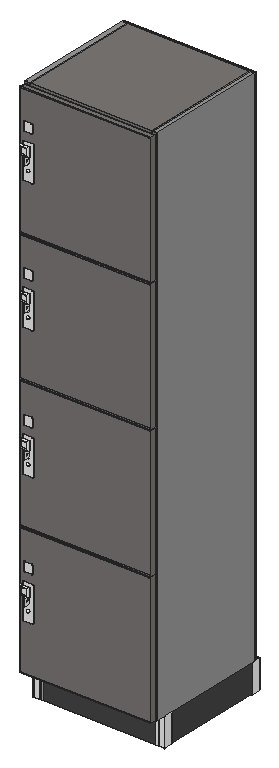
Revit family "Wood_Lockers_Hasps-Salsbury_Industries-18_44000_Series-1_Wide_Units.rfa", category Specialty Equipment, Revit 2016
Family settings
  Part Type = Normal
  Round Connector Dimension = Use Diameter
  OmniClass Number = 23.40.00.00
  OmniClass Title = Equipment and Furnishings
  Work Plane-Based = No
  Always vertical = Yes
  Cut with Voids When Loaded = No
  Shared = No
  Room Calculation Point = No
Parameters (values of type "18-44168")
  Width = 18.000"
  Version = "1.0 (01/31/24)"
  Unit Height including Sloping Hood Only [instance] = 78.868"
  Unit Height including Base Only [instance] = 76.000"
  URL = "www.lockers.com"
  Type Comments = "Premier Wood Lockers - Four Tier - with Hasps"
  Total Doors Height [instance] = if(Unit Height = 72.000", 71.750", if(Unit Height = 60.000", 59.750", 0.000"))  # 71.750"
  Sloping Top Corner Filler - Right Side [instance] = Wood Locker Sloping Corner Fillers : None
  Sloping Top Corner Filler - Left Side [instance] = Wood Locker Sloping Corner Fillers : None
  Sloping In-Line Filler - Right Side [instance] = Wood Locker Sloping In-Line Fillers : None
  Sloping In-Line Filler - Left Side [instance] = Wood Locker Sloping In-Line Fillers : None
  Sloping Hood Height = if(Depth = 15.000", 5.743", if(Depth = 18.000", 6.868", if(Depth = 21.000", 7.993", if(Depth = 24.000", 9.118", 0.000"))))  # 6.868"
  Sloping Hood [instance] = Wood Locker Sloping Hoods : None
  Side Panel without Slope - Right Side [instance] = Wood Locker Side Panels-No Slope : None
  Side Panel without Slope - Left Side [instance] = Wood Locker Side Panels-No Slope : None
  Side Panel with Slope - Right Side [instance] = Wood Locker Side Panels-With Slope : None
  Side Panel with Slope - Left Side [instance] = Wood Locker Side Panels-With Slope : None
  Secondary Structure Materials = Particle Board Industrial Grade - Salsbury Finish - Black Melamine Overlay
  Primary Structure Materials = Particle Board Industrial Grade - Salsbury Finish - Plain
  Overall Unit Height including Base and Sloping Hood [instance] = 82.868"
  OmniClass 23 Title = "Equipment and Furnishings"
  OmniClass 23 Number = "23.40.00.00"
  Model = "18-44168"
  MasterFormat Title = "Lockers"
  MasterFormat Code = "10 51 23"
  Manufacturer = "Salsbury Industries"
  Laminate Surface [instance] = Industrial Grade Particleboard with Wood Laminate - Salsbury Finish - Skyline Walnut
  Interior Material = Textured Melamine - Salsbury Finish - White
  Individual Door Width [instance] = 17.875"
  Unit Height = 72.000"
  Individual Door Height = if(Unit Height = 72.000", 17.796", if(Unit Height = 60.000", 14.796", 0.000"))  # 17.796"
  Hardware = Aluminum - Salsbury Finish - Black Satin
  Front Vertical Filler - Right Side [instance] = Wood Locker Front Fillers : None
  Front Vertical Filler - Left Side [instance] = Wood Locker Front Fillers : None
  Front Corner Filler - Right Side [instance] = Wood Locker Front Corner Filler : None
  Front Corner Filler - Left Side [instance] = Wood Locker Front Corner Filler : None
  Flat Top In-Line Filler - Right Side [instance] = Wood Locker Flat In-Line Fillers : None
  Flat Top In-Line Filler - Left Side [instance] = Wood Locker Flat In-Line Fillers : None
  Flat Top Corner Filler - Right Side [instance] = Wood Locker Flat Corner Fillers : None
  Flat Top Corner Filler - Left Side [instance] = Wood Locker Flat Corner Fillers : None
  Fascia Filler [instance] = Wood Locker Fascia Fillers : None
  Double Side Panel without Slope - Right Side [instance] = Wood Locker Double Side Panels-No Slope : None
  Double Side Panel without Slope - Left Side [instance] = Wood Locker Double Side Panels-No Slope : None
  Double Side Panel with Slope - Right Side [instance] = Wood Locker Double Side Panels-With Slope : None
  Double Side Panel with Slope - Left Side [instance] = Wood Locker Double Side Panels-With Slope : None
  Door Location D1 = Premier Locker Doors_Hasp : Four Tier Door for Six Foot High Locker
  Description = "1 Wide - 6 Feet High - 18 inches Deep - with Base"
  Depth = 18.000"
  Compartment Width [instance] = 16.750"
  Compartment Height [instance] = if(Unit Height = 72.000", 17.063", if(Unit Height = 60.000", 14.063", 0.000"))  # 17.063"
  Compartment Depth [instance] = 16.750"
  Base Material = Particle Board Industrial Grade - Salsbury Finish - Black Melamine Overlay
  Base Height = 4.000"
  Base Depth [instance] = 16.250"
  Base = Wood Locker Bases : Base - 18" W x 18" D Lockers
  Assembly Code = "C1030310"
Reference planes (in)
  plane 1 "Center (Front/Back)": y = 0
  plane 2: z = 0
  plane 3 "Center (Left/Right)": x = 0
  plane 4 "Right Side of Unit": x = 9
  plane 5 "Left Side of Unit": x = -9
  plane 6 "Back of Unit": y = 9
  plane 7 "Front of Unit": y = -9
  plane 8 "Bottom of Base": z = 0
  plane 9 "Top Edge of Unit": z = 76
  plane 10 "Top of Base Edge": z = 4
  plane 11: z = 82.868
  plane 12 "Right Compartment Edge": x = 8.406
  plane 13 "Left Compartment Edge": x = -8.406
  plane 14 "Front Melamine Edge": y = -8
  plane 15 "Back Compartment Edge": y = 8.781
  plane 16 "Front Compartment Edge": y = -7.969
  plane 17 "Front Edge of Base": y = -6.625
  plane 18 "Bottom Edge of Door": z = 4.125
  plane 19 "Top Edge of Door": z = 75.875
  plane 20 "Bottom Compartment Edge": z = 4.75
  plane 21 "Top Compartment Edge": z = 75.25
  plane 22 "Center Top and Bottom": z = 40
  plane 23 "Left Melamine Edge": x = -8.375
  plane 24 "Right Melamine Edge": x = 8.375
  plane 25 "Back Melamine Edge": y = 8.75
  plane 26 "Left Edge of Door": x = -8.875
  plane 27: y = 9.625
  plane 28: y = -7.25
  plane 29 "Base / Ventillation Alignment": y = 9.625
  plane 30 "Compartment Shelf 3": z = 22.563
  plane 31: z = 21.813
  plane 32: z = 21.921
  plane 33: z = 22.109
  plane 34: z = 39.626
  plane 35 "Compartment Shelf 2": z = 40.376
  plane 36: z = 39.905
  plane 37: z = 40.093
  plane 38: z = 57.439
  plane 39 "Compartment Shelf 1": z = 58.189
  plane 40: z = 57.889
  plane 41: z = 58.077
Forms (in)
  Extrusion 1, solid, material "Particle Board Industrial Grade - Salsbury Finish - Plain" <- "Primary Structure Materials"
    sketch origin (9, 0, 0) x (0, -1, 0) y (0, 0, 1)
      loop
        line (7.969, 76) -> (-8.75, 76) -> (-8.75, 4) -> (7.969, 4) -> (7.969, 76)
    from 0 to 0.594
  Extrusion 2, solid, material "Particle Board Industrial Grade - Salsbury Finish - Plain" <- "Primary Structure Materials"
    sketch origin (-9, 0, 0) x (0, -1, 0) y (0, 0, 1)
      loop
        line (-8.75, 76) -> (-8.75, 4) -> (7.969, 4) -> (7.969, 76) -> (-8.75, 76)
    from 0 to -0.594
  Extrusion 3, solid, material "Textured Melamine - Salsbury Finish - White" <- "Interior Material"
    sketch origin (0, 0, 4) x (0, -1, 0) y (1, 0, 0)
      loop
        line (-8.75, -8.375) -> (7.969, -8.375) -> (7.969, 8.375) -> (-8.75, 8.375) -> (-8.75, -8.375)
    from 0 to 0.75
  Extrusion 4, solid, material "Industrial Grade Particleboard with Wood Laminate - Salsbury Finish - Skyline Walnut" <- "Laminate Surface"
    sketch origin (0.375, 0.375, 76) x (1, 0, 0) y (0, 1, 0)
      loop
        line (-8.75, -8.375) -> (8, -8.375) -> (8, 8.375) -> (-8.75, 8.375) -> (-8.75, -8.375)
    from 0 to -0.75
  Extrusion 5, solid, material "Particle Board Industrial Grade - Salsbury Finish - Plain" <- "Primary Structure Materials"
    sketch origin (0, 9, 0) x (1, 0, 0) y (0, 0, 1)
      loop
        line (-9, 76) -> (-9, 4) -> (9, 4) -> (9, 76) -> (-9, 76)
    from 0 to 0.219
  Extrusion 6, solid, material "Industrial Grade Particleboard with Wood Laminate - Salsbury Finish - Skyline Walnut" <- "Laminate Surface"
    sketch origin (0, -7.969, 0) x (1, 0, 0) y (0, 0, 1)
      loop
        line (-9, 76) -> (-9, 4) -> (-8.375, 4) -> (-8.375, 76) -> (-9, 76)
    from 0 to 0.031
  Extrusion 7, solid, material "Industrial Grade Particleboard with Wood Laminate - Salsbury Finish - Skyline Walnut" <- "Laminate Surface"
    sketch origin (0, -7.969, 0) x (-1, 0, 0) y (0, 0, -1)
      loop
        line (-9, -76) -> (-8.375, -76) -> (-8.375, -4) -> (-9, -4) -> (-9, -76)
    from 0 to 0.031
  Extrusion 8, solid, material "Textured Melamine - Salsbury Finish - White" <- "Interior Material"
    sketch origin (0, 8.75, 0) x (1, 0, 0) y (0, 0, 1)
      loop
        line (-9, 76) -> (-9, 4) -> (9, 4) -> (9, 76) -> (-9, 76)
    from -0.031 to 0
  Extrusion 9, solid, material "Textured Melamine - Salsbury Finish - White" <- "Interior Material"
    sketch origin (-8.406, 0, 0) x (0, -1, 0) y (0, 0, 1)
      loop
        line (-8.75, 76) -> (-8.75, 4) -> (7.969, 4) -> (7.969, 76) -> (-8.75, 76)
    from 0 to -0.031
  Extrusion 10, solid, material "Textured Melamine - Salsbury Finish - White" <- "Interior Material"
    sketch origin (8.406, 0, 0) x (0, -1, 0) y (0, 0, 1)
      loop
        line (7.969, 76) -> (-8.75, 76) -> (-8.75, 4) -> (7.969, 4) -> (7.969, 76)
    from 0 to 0.031
  Extrusion 11, solid, material "Textured Melamine - Salsbury Finish - White" <- "Interior Material", detail levels fine
    sketch origin (0, 0, 22.563) x (0, -1, 0) y (1, 0, 0)
      loop
        line (-8.75, -8.375) -> (7.969, -8.375) -> (7.969, 8.375) -> (-8.75, 8.375) -> (-8.75, -8.375)
    from 0 to -0.75
  Extrusion 12, solid, material "Textured Melamine - Salsbury Finish - White" <- "Interior Material", detail levels fine
    sketch origin (0, 0, 40.376) x (0, -1, 0) y (1, 0, 0)
      loop
        line (-8.75, -8.375) -> (7.969, -8.375) -> (7.969, 8.375) -> (-8.75, 8.375) -> (-8.75, -8.375)
    from 0 to -0.75
  Extrusion 13, solid, material "Textured Melamine - Salsbury Finish - White" <- "Interior Material", detail levels fine
    sketch origin (0, 0, 58.189) x (0, -1, 0) y (1, 0, 0)
      loop
        line (-8.75, -8.375) -> (7.969, -8.375) -> (7.969, 8.375) -> (-8.75, 8.375) -> (-8.75, -8.375)
    from 0 to -0.75
  Extrusion 14, solid, material "Industrial Grade Particleboard with Wood Laminate - Salsbury Finish - Skyline Walnut" <- "Laminate Surface"
    sketch origin (0, -8, 0) x (1, 0, 0) y (0, 0, 1)
      loop
        line (-8.375, 58.189) -> (-8.375, 57.439) -> (8.375, 57.439) -> (8.375, 58.189) -> (-8.375, 58.189)
    from 0 to -0.031
  Extrusion 15, solid, material "Industrial Grade Particleboard with Wood Laminate - Salsbury Finish - Skyline Walnut" <- "Laminate Surface"
    sketch origin (0, -8, 0) x (1, 0, 0) y (0, 0, 1)
      loop
        line (-8.375, 40.376) -> (-8.375, 39.626) -> (8.375, 39.626) -> (8.375, 40.376) -> (-8.375, 40.376)
    from 0 to -0.031
  Extrusion 16, solid, material "Industrial Grade Particleboard with Wood Laminate - Salsbury Finish - Skyline Walnut" <- "Laminate Surface"
    sketch origin (0, -8, 0) x (1, 0, 0) y (0, 0, 1)
      loop
        line (-8.375, 22.563) -> (-8.375, 21.813) -> (8.375, 21.813) -> (8.375, 22.563) -> (-8.375, 22.563)
    from 0 to -0.031
  Extrusion 17, solid, material "Industrial Grade Particleboard with Wood Laminate - Salsbury Finish - Skyline Walnut" <- "Laminate Surface"
    sketch origin (0, -8, 0) x (1, 0, 0) y (0, 0, 1)
      loop
        line (-8.375, 4.75) -> (-8.375, 4) -> (8.375, 4) -> (8.375, 4.75) -> (-8.375, 4.75)
    from 0 to -0.031
Lines and regions (in)
  symbolic lines
    curve 1: line (-9, 8.75, 76) -> (9.00006, 8.75, 76)
    curve 2: line (-9, 8.75, 0) -> (-9, 8.75, 76)
    curve 3: line (9.00006, 8.75, 76) -> (9.00006, 8.75, 0)
    curve 4: line (8.406, -8, 76) -> (8.406, 9.625, 76)
    curve 5: line (8.406, -8, 0) -> (8.406, -8, 76)
    curve 6: line (8.406, 9.625, 76) -> (8.406, 9.625, 0)
    curve 7: line (9.00006, 8.75, 0) -> (-9, 8.75, 0)
    curve 8: line (8.406, -6.625, 0) -> (8.406, 9.625, 0)
    curve 9: line (8.406, 9.625, 0) -> (8.406, -6.625, 0)
    curve 10: line (8.406, -8, 0) -> (8.406, 9.625, 0)
    curve 11: line (-9, 9.625, 0) -> (9, 9.625, 0)
    curve 12: line (-9, -8, 0) -> (-9, 9.625, 0)
    curve 13: line (9, -8, 0) -> (-9, -8, 0)
    curve 14: line (9, 9.625, 0) -> (9, -8, 0)
Dimensions and locks (in)
  equal spacing: plane 5 "Left Side of Unit", plane 3 "Center (Left/Right)", plane 4 "Right Side of Unit"
  "Width": plane 5 "Left Side of Unit" to plane 4 "Right Side of Unit"
  equal spacing: plane 7 "Front of Unit", plane 1 "Center (Front/Back)", plane 6 "Back of Unit"
  "Depth": plane 7 "Front of Unit" to plane 6 "Back of Unit"
  "Base Height": plane 10 "Top of Base Edge" to plane 8 "Bottom of Base"
  "Unit Height": plane 9 "Top Edge of Unit" to plane 10 "Top of Base Edge"
  "Sloping Hood Height": plane 11 to plane 9 "Top Edge of Unit"
  locked: plane 12 "Right Compartment Edge" to plane 4 "Right Side of Unit" at 0.594
  locked: plane 5 "Left Side of Unit" to plane 13 "Left Compartment Edge" at 0.594
  locked: plane 7 "Front of Unit" to plane 14 "Front Melamine Edge" at 1
  locked: plane 15 "Back Compartment Edge" to plane 6 "Back of Unit" at 0.219
  locked: plane 14 "Front Melamine Edge" to plane 16 "Front Compartment Edge" at 0.031
  plane 18 "Bottom Edge of Door" to plane 10 "Top of Base Edge" = 0.125"
  plane 9 "Top Edge of Unit" to plane 19 "Top Edge of Door" = 0.125"
  plane 20 "Bottom Compartment Edge" to plane 10 "Top of Base Edge" = 0.750"
  plane 9 "Top Edge of Unit" to plane 21 "Top Compartment Edge" = 0.750"
  equal spacing: plane 9 "Top Edge of Unit", plane 22 "Center Top and Bottom", plane 10 "Top of Base Edge"
  locked: plane 24 "Right Melamine Edge" to plane 12 "Right Compartment Edge" at 0.031
  locked: plane 13 "Left Compartment Edge" to plane 23 "Left Melamine Edge" at 0.031
  locked: plane 25 "Back Melamine Edge" to plane 15 "Back Compartment Edge" at 0.031
  locked: plane 5 "Left Side of Unit" to plane 26 "Left Edge of Door" at 0.125
  "Individual Door Width": plane 26 "Left Edge of Door" to plane 4 "Right Side of Unit"
  "Total Doors Height": plane 19 "Top Edge of Door" to plane 18 "Bottom Edge of Door"
  "Unit Height including Base Only": plane 9 "Top Edge of Unit" to plane 8 "Bottom of Base"
  "Unit Height including Sloping Hood Only": plane 11 to plane 10 "Top of Base Edge"
  "Overall Unit Height including Base and Sloping Hood": plane 11 to plane 8 "Bottom of Base"
  locked: plane 7 "Front of Unit" to plane 17 "Front Edge of Base" at 2.375
  locked: plane 6 "Back of Unit" to plane 27 at 0.625
  "Base Depth": plane 17 "Front Edge of Base" to plane 27
  "Compartment Width": plane 23 "Left Melamine Edge" to plane 24 "Right Melamine Edge"
  "Compartment Height": plane 31 to plane 20 "Bottom Compartment Edge"
  "Compartment Depth": plane 14 "Front Melamine Edge" to plane 25 "Back Melamine Edge"
  locked: plane 14 "Front Melamine Edge" to plane 28 at 0.75
  plane 14 "Front Melamine Edge" to plane 27 = 17.625"
  Extrusion 2 to Extrusion 9 = 16.719"
  plane 6 "Back of Unit" to plane 29 "Base / Ventillation Alignment" = 0.625"
  locked: plane 30 "Compartment Shelf 3" to plane 31 at 0.75
  locked: plane 33 to plane 32 at 0.188
  "Individual Door Height": plane 32 to plane 18 "Bottom Edge of Door"
  locked: plane 35 "Compartment Shelf 2" to plane 34 at 0.75
  locked: plane 37 to plane 36 at 0.188
  "Compartment Height": plane 34 to plane 30 "Compartment Shelf 3"
  "Individual Door Height": plane 36 to plane 33
  locked: plane 39 "Compartment Shelf 1" to plane 38 at 0.75
  locked: plane 41 to plane 40 at 0.188
  "Compartment Height": plane 38 to plane 35 "Compartment Shelf 2"
  "Individual Door Height": plane 40 to plane 37
  aligned and locked: level to plane 2
  aligned and locked: plane 15 "Back Compartment Edge" to Extrusion 5
  aligned and locked: plane 4 "Right Side of Unit" to nested 1
  aligned and locked: plane 18 "Bottom Edge of Door" to nested 1
  aligned and locked: plane 7 "Front of Unit" to nested 1
  aligned and locked: plane 9 "Top Edge of Unit" to nested 2
  aligned and locked: plane 14 "Front Melamine Edge" to nested 2
  aligned and locked: plane 5 "Left Side of Unit" to nested 3
  aligned and locked: plane 14 "Front Melamine Edge" to nested 3
  aligned and locked: plane 9 "Top Edge of Unit" to nested 3
  aligned and locked: plane 4 "Right Side of Unit" to nested 4
  aligned and locked: nested 4 to plane 9 "Top Edge of Unit"
  aligned and locked: nested 4 to plane 14 "Front Melamine Edge"
  aligned and locked: plane 9 "Top Edge of Unit" to nested 5
  aligned and locked: plane 28 to nested 5
  aligned and locked: plane 28 to nested 6
  aligned and locked: plane 5 "Left Side of Unit" to nested 6
  aligned and locked: plane 4 "Right Side of Unit" to nested 5
  aligned and locked: nested 6 to plane 9 "Top Edge of Unit"
  aligned and locked: nested 8 to plane 5 "Left Side of Unit"
  aligned and locked: nested 7 to plane 4 "Right Side of Unit"
  aligned and locked: plane 14 "Front Melamine Edge" to nested 7
  aligned and locked: nested 8 to plane 14 "Front Melamine Edge"
  aligned and locked: plane 10 "Top of Base Edge" to nested 7
  aligned and locked: nested 8 to plane 10 "Top of Base Edge"
  aligned and locked: plane 5 "Left Side of Unit" to nested 9
  aligned and locked: plane 4 "Right Side of Unit" to nested 10
  aligned and locked: nested 10 to plane 10 "Top of Base Edge"
  aligned and locked: plane 10 "Top of Base Edge" to nested 9
  aligned and locked: plane 16 "Front Compartment Edge" to nested 10
  aligned and locked: nested 9 to plane 14 "Front Melamine Edge"
  aligned and locked: plane 4 "Right Side of Unit" to nested 11
  aligned and locked: nested 11 to plane 10 "Top of Base Edge"
  aligned and locked: plane 14 "Front Melamine Edge" to nested 11
  aligned and locked: plane 14 "Front Melamine Edge" to nested 12
  aligned and locked: nested 12 to nested 4
  aligned and locked: plane 10 "Top of Base Edge" to nested 12
  aligned and locked: nested 13 to plane 5 "Left Side of Unit"
  aligned and locked: nested 13 to plane 14 "Front Melamine Edge"
  aligned and locked: nested 13 to plane 10 "Top of Base Edge"
  aligned and locked: plane 14 "Front Melamine Edge" to nested 14
  aligned and locked: nested 14 to plane 4 "Right Side of Unit"
  aligned and locked: nested 15 to plane 14 "Front Melamine Edge"
  aligned and locked: nested 15 to plane 5 "Left Side of Unit"
  aligned and locked: plane 10 "Top of Base Edge" to nested 14
  aligned and locked: nested 15 to plane 10 "Top of Base Edge"
  aligned and locked: plane 14 "Front Melamine Edge" to nested 16
  aligned and locked: plane 4 "Right Side of Unit" to nested 16
  aligned and locked: nested 17 to plane 14 "Front Melamine Edge"
  aligned and locked: plane 5 "Left Side of Unit" to nested 17
  aligned and locked: nested 16 to plane 8 "Bottom of Base"
  aligned and locked: nested 17 to plane 8 "Bottom of Base"
  aligned and locked: nested 18 to plane 5 "Left Side of Unit"
  aligned and locked: nested 19 to plane 4 "Right Side of Unit"
  aligned and locked: nested 19 to plane 14 "Front Melamine Edge"
  aligned and locked: plane 14 "Front Melamine Edge" to nested 18
  aligned and locked: plane 8 "Bottom of Base" to nested 19
  aligned and locked: nested 18 to plane 8 "Bottom of Base"
  aligned and locked: plane 17 "Front Edge of Base" to nested 20
  aligned and locked: nested 21 to plane 9 "Top Edge of Unit"
  aligned and locked: plane 5 "Left Side of Unit" to nested 21
  aligned and locked: nested 22 to plane 9 "Top Edge of Unit"
  aligned and locked: plane 4 "Right Side of Unit" to nested 22
  aligned and locked: nested 22 to plane 14 "Front Melamine Edge"
  aligned and locked: nested 21 to plane 14 "Front Melamine Edge"
  aligned and locked: nested 24 to plane 9 "Top Edge of Unit"
  aligned and locked: plane 4 "Right Side of Unit" to nested 24
  aligned and locked: nested 23 to plane 9 "Top Edge of Unit"
  aligned and locked: plane 5 "Left Side of Unit" to nested 23
  aligned and locked: nested 24 to plane 28
  aligned and locked: nested 23 to plane 28
  aligned and locked: plane 14 "Front Melamine Edge" to nested 25
  aligned and locked: plane 9 "Top Edge of Unit" to nested 25
  aligned and locked: plane 8 "Bottom of Base" to nested 20
  aligned and locked: plane 3 "Center (Left/Right)" to nested 20
  aligned and locked: plane 25 "Back Melamine Edge" to Extrusion 3 sketch curve
  aligned and locked: Extrusion 3 sketch curve to plane 23 "Left Melamine Edge"
  aligned and locked: plane 24 "Right Melamine Edge" to Extrusion 3 sketch curve
  aligned and locked: Extrusion 4 to plane 9 "Top Edge of Unit"
  aligned and locked: plane 21 "Top Compartment Edge" to Extrusion 4
  aligned and locked: Extrusion 2 sketch curve to plane 9 "Top Edge of Unit"
  aligned and locked: plane 16 "Front Compartment Edge" to Extrusion 2 sketch curve
  aligned and locked: Extrusion 2 sketch curve to plane 25 "Back Melamine Edge"
  aligned and locked: plane 10 "Top of Base Edge" to Extrusion 2 sketch curve
  aligned and locked: Extrusion 2 to plane 13 "Left Compartment Edge"
  aligned and locked: plane 5 "Left Side of Unit" to Extrusion 2
  aligned and locked: plane 10 "Top of Base Edge" to Extrusion 9 sketch curve
  aligned and locked: Extrusion 9 sketch curve to plane 25 "Back Melamine Edge"
  aligned and locked: Extrusion 9 sketch curve to plane 9 "Top Edge of Unit"
  aligned and locked: Extrusion 1 sketch curve to plane 16 "Front Compartment Edge"
  aligned and locked: plane 9 "Top Edge of Unit" to Extrusion 1 sketch curve
  aligned and locked: Extrusion 1 sketch curve to plane 10 "Top of Base Edge"
  aligned and locked: plane 25 "Back Melamine Edge" to Extrusion 1 sketch curve
  aligned and locked: Extrusion 1 to plane 4 "Right Side of Unit"
  aligned and locked: plane 12 "Right Compartment Edge" to Extrusion 1
  aligned and locked: Extrusion 10 sketch curve to plane 10 "Top of Base Edge"
  aligned and locked: plane 25 "Back Melamine Edge" to Extrusion 10 sketch curve
  aligned and locked: Extrusion 10 sketch curve to plane 16 "Front Compartment Edge"
  aligned and locked: plane 9 "Top Edge of Unit" to Extrusion 10 sketch curve
  aligned and locked: Extrusion 10 to plane 12 "Right Compartment Edge"
  aligned and locked: plane 24 "Right Melamine Edge" to Extrusion 10
  aligned and locked: Extrusion 8 sketch curve to plane 10 "Top of Base Edge"
  aligned and locked: plane 4 "Right Side of Unit" to Extrusion 8 sketch curve
  aligned and locked: plane 9 "Top Edge of Unit" to Extrusion 8 sketch curve
  aligned and locked: Extrusion 8 sketch curve to plane 5 "Left Side of Unit"
  aligned and locked: Extrusion 8 to plane 15 "Back Compartment Edge"
  aligned and locked: plane 25 "Back Melamine Edge" to Extrusion 8
  aligned and locked: plane 9 "Top Edge of Unit" to Extrusion 5 sketch curve
  aligned and locked: Extrusion 5 sketch curve to plane 5 "Left Side of Unit"
  aligned and locked: Extrusion 5 sketch curve to plane 10 "Top of Base Edge"
  aligned and locked: plane 4 "Right Side of Unit" to Extrusion 5 sketch curve
  aligned and locked: Extrusion 7 sketch curve to plane 9 "Top Edge of Unit"
  aligned and locked: Extrusion 7 sketch curve to plane 4 "Right Side of Unit"
  aligned and locked: plane 24 "Right Melamine Edge" to Extrusion 7 sketch curve
  aligned and locked: plane 10 "Top of Base Edge" to Extrusion 7 sketch curve
  aligned and locked: Extrusion 7 to plane 16 "Front Compartment Edge"
  aligned and locked: plane 14 "Front Melamine Edge" to Extrusion 7
  aligned and locked: Extrusion 6 sketch curve to plane 10 "Top of Base Edge"
  aligned and locked: plane 23 "Left Melamine Edge" to Extrusion 6 sketch curve
  aligned and locked: Extrusion 6 sketch curve to plane 5 "Left Side of Unit"
  aligned and locked: plane 9 "Top Edge of Unit" to Extrusion 6 sketch curve
  aligned and locked: Extrusion 6 to plane 16 "Front Compartment Edge"
  aligned and locked: plane 14 "Front Melamine Edge" to Extrusion 6
  aligned and locked: plane 16 "Front Compartment Edge" to Extrusion 9
  aligned and locked: plane 13 "Left Compartment Edge" to Extrusion 9
  aligned and locked: nested 3 to curve 1
  aligned and locked: curve 2 to nested 17
  aligned and locked: curve 4 to nested 2
  aligned and locked: nested 16 to curve 5
  aligned and locked: curve 9 to nested 20
  aligned and locked: curve 10 to nested 16
  aligned and locked: curve 13 to plane 14 "Front Melamine Edge"
  aligned and locked: curve 12 to plane 5 "Left Side of Unit"
  aligned and locked: plane 29 "Base / Ventillation Alignment" to curve 11
  aligned and locked: plane 3 "Center (Left/Right)" to nested 2
  aligned and locked: plane 3 "Center (Left/Right)" to nested 25
  aligned and locked: plane 29 "Base / Ventillation Alignment" to curve 6
  aligned and locked: plane 25 "Back Melamine Edge" to Extrusion 11 sketch curve
  aligned and locked: Extrusion 11 sketch curve to plane 23 "Left Melamine Edge"
  aligned and locked: plane 24 "Right Melamine Edge" to Extrusion 11 sketch curve
  aligned and locked: plane 25 "Back Melamine Edge" to Extrusion 12 sketch curve
  aligned and locked: plane 24 "Right Melamine Edge" to Extrusion 12 sketch curve
  aligned and locked: Extrusion 12 sketch curve to plane 23 "Left Melamine Edge"
  aligned and locked: nested 26 to plane 33
  aligned and locked: plane 4 "Right Side of Unit" to nested 26
  aligned and locked: plane 4 "Right Side of Unit" to nested 27
  aligned and locked: nested 27 to plane 37
  aligned and locked: plane 7 "Front of Unit" to nested 27
  aligned and locked: plane 7 "Front of Unit" to nested 26
  aligned and locked: plane 25 "Back Melamine Edge" to Extrusion 13 sketch curve
  aligned and locked: plane 24 "Right Melamine Edge" to Extrusion 13 sketch curve
  aligned and locked: Extrusion 13 sketch curve to plane 23 "Left Melamine Edge"
  aligned and locked: nested 28 to plane 41
  aligned and locked: plane 4 "Right Side of Unit" to nested 28
  aligned and locked: plane 7 "Front of Unit" to nested 28
  aligned and locked: plane 14 "Front Melamine Edge" to Extrusion 4
  aligned and locked: plane 16 "Front Compartment Edge" to Extrusion 13
  aligned and locked: plane 16 "Front Compartment Edge" to Extrusion 12
  aligned and locked: plane 16 "Front Compartment Edge" to Extrusion 11
  aligned and locked: plane 16 "Front Compartment Edge" to Extrusion 3
  aligned and locked: Extrusion 14 sketch curve to Extrusion 13  (x4)
  aligned and locked: plane 14 "Front Melamine Edge" to Extrusion 14
  aligned and locked: Extrusion 14 to plane 16 "Front Compartment Edge"
  aligned and locked: Extrusion 15 sketch curve to Extrusion 12  (x4)
  aligned and locked: plane 14 "Front Melamine Edge" to Extrusion 15
  aligned and locked: Extrusion 15 to plane 16 "Front Compartment Edge"
  aligned and locked: Extrusion 16 sketch curve to Extrusion 11  (x4)
  aligned and locked: plane 14 "Front Melamine Edge" to Extrusion 16
  aligned and locked: Extrusion 16 to plane 16 "Front Compartment Edge"
  aligned and locked: Extrusion 17 sketch curve to Extrusion 3  (x3)
  aligned and locked: Extrusion 7 to Extrusion 17 sketch curve
  aligned and locked: plane 14 "Front Melamine Edge" to Extrusion 17
  aligned and locked: Extrusion 17 to plane 16 "Front Compartment Edge"
Automatic sketch dimensions
  Extrusion 9 sketch curve to plane 16 "Front Compartment Edge" = 0.000"
  curve 3 to level = 0.000"
  curve 3 to plane 4 "Right Side of Unit" = 0.00006"
  curve 8 to plane 17 "Front Edge of Base" = 0.000"
  curve 9 to plane 17 "Front Edge of Base" = 0.000"
  curve 13 to plane 4 "Right Side of Unit" = 0.000"
  Extrusion 4 sketch curve to plane 5 "Left Side of Unit" = 0.625"
  plane 17 "Front Edge of Base" to Extrusion 4 sketch curve = 1.375"
  plane 4 "Right Side of Unit" to Extrusion 4 sketch curve = 0.625"
  plane 25 "Back Melamine Edge" to Extrusion 4 sketch curve = 0.000"
  Extrusion 13 sketch curve to plane 14 "Front Melamine Edge" = 0.031"
  Extrusion 12 sketch curve to plane 14 "Front Melamine Edge" = 0.031"
  Extrusion 11 sketch curve to plane 14 "Front Melamine Edge" = 0.031"
  Extrusion 3 sketch curve to plane 14 "Front Melamine Edge" = 0.031"
Nested families (in)
  nested 1: "Premier Locker Doors_Hasp" at (0.0625, -8.625, 4.125), type <- "Door Location D1", type "Four Tier Door for Six Foot High Locker"
  nested 2: "Wood Locker Sloping Hoods" at (0, -0.6875, 76), type <- "Sloping Hood", type "None"
  nested 3: "Wood Locker Sloping Corner Fillers" at (-18.25, -1, 76), type <- "Sloping Top Corner Filler - Left Side", type "None"
  nested 4: "Wood Locker Sloping Corner Fillers" at (18.25, -1, 76) x (-1, 0, 0) z (0, 0, 1), type <- "Sloping Top Corner Filler - Right Side", type "None"
  nested 5: "Wood Locker Flat Corner Fillers" at (16.5, -3.625, 75.25), type <- "Flat Top Corner Filler - Right Side", type "None"
  nested 6: "Wood Locker Flat Corner Fillers" at (-16.5, -3.625, 75.25) x (-1, 0, 0) z (0, 0, 1), type <- "Flat Top Corner Filler - Left Side", type "None"
  nested 7: "Wood Locker Side Panels-No Slope" at (9.375, -1, 4) x (0, 1, 0) z (0, 0, 1), type <- "Side Panel without Slope - Right Side", type "None"
  nested 8: "Wood Locker Side Panels-No Slope" at (-9.375, -1, 4) x (0, 1, 0) z (0, 0, 1), type <- "Side Panel without Slope - Left Side", type "None"
  nested 9: "Wood Locker Side Panels-With Slope" at (-9.375, -0.6875, 4) x (0, -1, 0) z (0, 0, 1), type <- "Side Panel with Slope - Left Side", type "None"
  nested 10: "Wood Locker Side Panels-With Slope" at (9.375, -0.6565, 4) x (0, -1, 0) z (0, 0, 1), type <- "Side Panel with Slope - Right Side", type "None"
  nested 11: "Wood Locker Side Panels-With Slope" at (9.375, -0.6875, 4) x (0, -1, 0) z (0, 0, 1), type <- "Side Panel with Slope - Right Side", type "None"
  nested 12: "Wood Locker Double Side Panels-No Slope" at (9.375, -1, 4) x (0, 1, 0) z (0, 0, 1), type <- "Double Side Panel without Slope - Right Side", type "None"
  nested 13: "Wood Locker Double Side Panels-No Slope" at (-9.375, -1, 4) x (0, 1, 0) z (0, 0, 1), type <- "Double Side Panel without Slope - Left Side", type "None"
  nested 14: "Wood Locker Double Side Panels-With Slope" at (9.375, -1, 4) x (0, 1, 0) z (0, 0, 1), type <- "Double Side Panel with Slope - Right Side", type "None"
  nested 15: "Wood Locker Double Side Panels-With Slope" at (-9.375, -1, 4) x (0, 1, 0) z (0, 0, 1), type <- "Double Side Panel with Slope - Left Side", type "None"
  nested 16: "Wood Locker Front Fillers" at (16.5, -7.625, 0), type <- "Front Vertical Filler - Right Side", type "None"
  nested 17: "Wood Locker Front Fillers" at (-16.5, -7.625, 0) x (-1, 0, 0) z (0, 0, 1), type <- "Front Vertical Filler - Left Side", type "None"
  nested 18: "Wood Locker Front Corner Filler" at (-10.125, -7.625, 0), type <- "Front Corner Filler - Left Side", type "None"
  nested 19: "Wood Locker Front Corner Filler" at (10.125, -7.625, 0) x (-1, 0, 0) z (0, 0, 1), type <- "Front Corner Filler - Right Side", type "None"
  nested 20: "Wood Locker Bases" at (0, 1.5, 0), type <- "Base", type "Base - 18" W x 18" D Lockers"
  nested 21: "Wood Locker Sloping In-Line Fillers" at (-15, -1, 76), type <- "Sloping In-Line Filler - Left Side", type "None"
  nested 22: "Wood Locker Sloping In-Line Fillers" at (15, -1, 76) x (-1, 0, 0) z (0, 0, 1), type <- "Sloping In-Line Filler - Right Side", type "None"
  nested 23: "Wood Locker Flat In-Line Fillers" at (-16.5, -0.625, 75.25), type <- "Flat Top In-Line Filler - Left Side", type "None"
  nested 24: "Wood Locker Flat In-Line Fillers" at (16.5, -0.625, 75.25) x (-1, 0, 0) z (0, 0, 1), type <- "Flat Top In-Line Filler - Right Side", type "None"
  nested 25: "Wood Locker Fascia Fillers" at (0, -7.625, 76), type <- "Fascia Filler", type "None"
  nested 26: "Premier Locker Doors_Hasp" at (0.0625, -8.625, 22.109), type <- "Door Location D1", type "Four Tier Door for Six Foot High Locker"
  nested 27: "Premier Locker Doors_Hasp" at (0.0625, -8.625, 40.093), type <- "Door Location D1", type "Four Tier Door for Six Foot High Locker"
  nested 28: "Premier Locker Doors_Hasp" at (0.0625, -8.625, 58.077), type <- "Door Location D1", type "Four Tier Door for Six Foot High Locker"
Definition of nested family "Premier Locker Doors_Hasp"
  Parameters (values of type "Single Tier Door for Six Foot High Locker")
    Width = 17.875"
    Visible Number Plates = yes
    Visible Center Hinge = yes
    Primary Structure Materials = none
    Number Tag-Vertical Offset = 31.625"
    Number Tag-Horizontal Offset = 16.750"
    Number Tag Width = 1.250"
    Number Tag Height = 1.250"
    Model = "Premier Locker Doors"
    Manufacturer = "Salsbury Industries"
    Lock Width = 1.500"
    Lock Height = 4.875"
    Laminate Surface = none
    Height = 71.750"
    Lock Vertical Offset = 35.875"
    Lock Horizontal Offset = 0.375"
    Door Trim = none
    Door Hasps = none
    Depth = 0.750"
    Default Elevation = 48.000"
  Types (7): name | Visible Center Hinge | Number Tag-Vertical Offset | Height | Lock Vertical Offset
    Single Tier Door for Six Foot High Locker | yes | 31.625" | 71.750" | 35.875"
    Double Tier Door-1 for Six Foot High Locker | no | 27.641" | 35.781" | 31.891"
    Double Tier Door-2 for Six Foot High Locker | yes | 2.078" | 35.781" | 6.328"
    Triple Tier Door-1 for Six Foot High Locker | no | 15.651" | 23.791" | 19.901"
    Triple Tier Door-2 for Six Foot High Locker | no | 7.646" | 23.791" | 11.896"
    Triple Tier Door-3 for Six Foot High Locker | no | 2.078" | 23.791" | 6.328"
    Four Tier Door for Six Foot High Locker | no | 4.647" | 17.796" | 8.897"
  Reference planes (in)
    plane 1 "Center (Front/Back)": y = 0
    plane 2: z = 0
    plane 3 "Center (Left/Right)": x = 0
    plane 4 "Left Side of Door": x = -8.9375
    plane 5 "Right Side of Door": x = 8.9375
    plane 6 "Back of Door": y = 0.375
    plane 7 "Front of Door": y = -0.375
    plane 8 "Bottom of Door": z = 0
    plane 9 "Top of Door": z = 71.75
    plane 10 "Center of Door": z = 35.875
    plane 11 "Top of Number Tag": z = 40.75
    plane 12 "Bottom of Number Tag": z = 39.5
    plane 13 "Left Side of Number Tag": x = -8.4375
    plane 14 "Right Side of Number Tag": x = -7.1875
    plane 15 "Horizontal Center of Number Tag": x = -7.8125
    plane 16 "Center of Number Tag": z = 40.125
    plane 17 "Left Side of Lock": x = -8.5625
    plane 18 "Right Side of Lock": x = -7.0625
    plane 19 "Lock Vertical Center": z = 35.875
    plane 20 "Top of Lock": z = 38.3125
    plane 21 "Bottom of Lock": z = 33.4375
    plane 22 "Front of Hasp Stud": y = -0.5
    plane 23 "Left Side of Door-Right Side of Trim": x = -8.8125
    plane 24 "Right Side of Door-Left Side of Trim": x = 8.8125
    plane 25 "Top of Door-Bottom of Trim": z = 71.625
    plane 26 "Bottom of Door-Top of Trim": z = 0.125
    plane 27 "Laminate-Particleboard Line": y = -0.344
    plane 28 "Melamine-Particleboard Line": y = 0.344
    plane 29 "Back of Number Plate Inset": y = -0.313
    plane 30 "Center of Lock": x = -7.8125
    plane 31: y = -0.188
    plane 32 "Door Stopper Plane": y = 0.625
    plane 33: x = -8.4875
    plane 34: z = 71.3
    plane 35 "Top Hinge": z = 68.75
    plane 36: x = 8.3125
    plane 37 "Bottom Hinge": z = 3
    plane 38 "Inner Knob": y = -1.094
    plane 39 "Front of Knob": y = -1.125
    plane 40: z = 37.1875
    plane 41: z = 34.5625
    plane 42: z = 38.1875
    plane 43: x = -7.1875
    plane 44: x = -8.4375
    plane 45: z = 36.9375
    plane 46 "Top of Hole": z = 36.8125
    plane 47: x = -7.6245
    plane 48: x = -8.0005
    plane 49 "Bottom of Hole": z = 35.5625
    plane 50 "Stud Alignment": z = 34.8125
    plane 51 "Center of Handle": z = 37.5625
    plane 52: z = 37.7505
    plane 53: z = 37.3745
    plane 54: z = 37.96546
    plane 55: z = 37.15954
    plane 56 "Front of Latch": y = -1
    plane 57: z = 36.6844
    plane 58: z = 35.6844
    plane 59: z = 36.1844
    plane 60: x = 8.3435
    plane 61: z = 36.6245
    plane 62: z = 35.74816
  Forms (in)
    Extrusion 1, solid, detail levels fine
      sketch origin (0, 0, 0) x (1, 0, 0) y (0, 0, 1)
        loop
          line (-8.9065, 0.031) -> (8.9065, 0.031) -> (8.9065, 71.719) -> (-8.9065, 71.719) -> (-8.9065, 0.031)
      from -0.344 to 0.344
    Extrusion 2, solid, material <- "Laminate Surface", detail levels fine
      sketch origin (0, 0.375, 0) x (1, 0, 0) y (0, 0, 1)
        loop
          line (-8.9065, 0.031) -> (8.9065, 0.031) -> (8.9065, 71.719) -> (-8.9065, 71.719) -> (-8.9065, 0.031)
      from 0.031 to 0
    Extrusion 3, solid, material <- "Laminate Surface"
      sketch origin (0, -0.375, 0) x (1, 0, 0) y (0, 0, 1)
        loop
          line (-8.9065, 0.031) -> (8.9065, 0.031) -> (8.9065, 71.719) -> (-8.9065, 71.719) -> (-8.9065, 0.031)
      from 0 to -0.031
    Sweep 4, solid, material <- "Door Trim"
      path origin (0, 0, 0) x (1, 0, 0) y (0, 0, 1)
        loop
          line (8.8125, 71.625) -> (-8.8125, 71.625) -> (-8.8125, 0.125) -> (8.8125, 0.125) -> (8.8125, 71.625)
      profile origin (0, 0, 71.625) x (0, 0, -1) y (0, -1, 0)
        loop
          line (-0.125, 0.375) -> (-0.125, -0.375) -> (-0.094, -0.375) -> (-0.094, 0.375) -> (-0.125, 0.375)
    Extrusion 5, void
      sketch origin (-1.875, -0.313, 0) x (1, 0, 0) y (0, 0, 1)
        loop
          arc (-6.41334, 40.75) -> (-6.51881, 40.70631) -> (-6.5625, 40.60084) r 0.14916
          line (-6.5625, 40.60084) -> (-6.5625, 39.64916)
          arc (-6.5625, 39.64916) -> (-6.51881, 39.54369) -> (-6.41334, 39.5) r 0.14916
          line (-6.41334, 39.5) -> (-5.46166, 39.5)
          arc (-5.46166, 39.5) -> (-5.35619, 39.54369) -> (-5.3125, 39.64916) r 0.14916
          line (-5.3125, 39.64916) -> (-5.3125, 40.60084)
          arc (-5.3125, 40.60084) -> (-5.35619, 40.70631) -> (-5.46166, 40.75) r 0.14916
          line (-5.46166, 40.75) -> (-6.41334, 40.75)
      from 0 to 0.062
    Extrusion 6, solid, visible <- "Visible Number Plates", detail levels medium+fine
      sketch origin (-1.875, -0.375, 0) x (1, 0, 0) y (0, 0, 1)
        loop
          arc (-6.41334, 40.75) -> (-6.51881, 40.70631) -> (-6.5625, 40.60084) r 0.14916
          line (-6.5625, 40.60084) -> (-6.5625, 39.64916)
          arc (-6.5625, 39.64916) -> (-6.51881, 39.54369) -> (-6.41334, 39.5) r 0.14916
          line (-6.41334, 39.5) -> (-5.46166, 39.5)
          arc (-5.46166, 39.5) -> (-5.35619, 39.54369) -> (-5.3125, 39.64916) r 0.14916
          line (-5.3125, 39.64916) -> (-5.3125, 40.60084)
          arc (-5.3125, 40.60084) -> (-5.35619, 40.70631) -> (-5.46166, 40.75) r 0.14916
          line (-5.46166, 40.75) -> (-6.41334, 40.75)
      from -0.062 to 0
    Extrusion 7, solid, detail levels medium+fine
      sketch origin (0, 0.375, 0) x (1, 0, 0) y (0, 0, 1)
        loop
          circle (-8.4875, 71.3) r 0.25
      from 0 to -0.25
    Extrusion 8, solid, detail levels medium+fine
      sketch origin (0, 0.375, 0) x (1, 0, 0) y (0, 0, 1)
        loop
          line (8.3125, 68.5) -> (8.3125, 69) -> (7.8125, 69) -> (7.8125, 68.5) -> (8.3125, 68.5)
      from 0 to -0.25
    Extrusion 9, solid, detail levels medium+fine
      sketch origin (0, 0.375, -0.25) x (1, 0, 0) y (0, 0, 1)
        loop
          line (8.3125, 3) -> (8.3125, 3.5) -> (7.8125, 3.5) -> (7.8125, 3) -> (8.3125, 3)
      from 0 to -0.25
    Extrusion 10, solid, visible <- "Visible Center Hinge", detail levels medium+fine
      sketch origin (0, 0.375, -0.25) x (1, 0, 0) y (0, 0, 1)
        loop
          line (8.3125, 35.875) -> (8.3125, 36.375) -> (7.8125, 36.375) -> (7.8125, 35.875) -> (8.3125, 35.875)
      from 0 to -0.25
    Extrusion 11, void
      sketch origin (-1.875, -0.375, 0) x (1, 0, 0) y (0, 0, 1)
        loop
          arc (-6.5625, 38.3125) -> (-6.65089, 38.27589) -> (-6.6875, 38.1875) r 0.125
          line (-6.6875, 38.1875) -> (-6.6875, 33.5625)
          arc (-6.6875, 33.5625) -> (-6.65089, 33.47411) -> (-6.5625, 33.4375) r 0.125
          line (-6.5625, 33.4375) -> (-5.3125, 33.4375)
          arc (-5.3125, 33.4375) -> (-5.22411, 33.47411) -> (-5.1875, 33.5625) r 0.125
          line (-5.1875, 33.5625) -> (-5.1875, 38.1875)
          arc (-5.1875, 38.1875) -> (-5.22411, 38.27589) -> (-5.3125, 38.3125) r 0.125
          line (-5.3125, 38.3125) -> (-6.5625, 38.3125)
      from -0.062 to 0
    Extrusion 12, solid
      sketch origin (-1.875, -0.375, 0) x (1, 0, 0) y (0, 0, 1)
        loop
          line (-5.3125, 38.3125) -> (-6.5625, 38.3125)
          arc (-6.5625, 38.3125) -> (-6.65089, 38.27589) -> (-6.6875, 38.1875) r 0.125
          line (-6.6875, 38.1875) -> (-6.6875, 33.5625)
          arc (-6.6875, 33.5625) -> (-6.65089, 33.47411) -> (-6.5625, 33.4375) r 0.125
          line (-6.5625, 33.4375) -> (-5.3125, 33.4375)
          arc (-5.3125, 33.4375) -> (-5.22411, 33.47411) -> (-5.1875, 33.5625) r 0.125
          line (-5.1875, 33.5625) -> (-5.1875, 38.1875)
          arc (-5.1875, 38.1875) -> (-5.22411, 38.27589) -> (-5.3125, 38.3125) r 0.125
      from 0 to -0.062
    Extrusion 13, void
      sketch origin (-1.875, -0.375, 0) x (1, 0, 0) y (0, 0, 1)
        loop
          line (-6.1255, 36.6245) -> (-6.1255, 35.74816)
          arc (-6.1255, 35.74816) -> (-5.9375, 35.56016) -> (-5.7495, 35.74816) r 0.188
          line (-5.7495, 35.74816) -> (-5.7495, 36.6245)
          arc (-5.7495, 36.6245) -> (-5.9375, 36.8125) -> (-6.1255, 36.6245) r 0.188
      from 0 to -0.75
    Sweep 14, solid, detail levels medium+fine
      path origin (-1.875, -0.375, 0) x (1, 0, 0) y (0, 0, 1)
        loop
          circle (-5.9375, 34.8125) r 0.01
      profile origin (-7.8125, -0.375, 34.8225) x (0, 0, -1) y (0, -1, 0)
        loop
          line (0, 0) -> (0, 0.125)
          arc (0, 0.125) -> (-0.10032, 0.09036) -> (-0.156, 0) r 0.15776
          line (-0.156, 0) -> (0, 0)
    Extrusion 15, solid, detail levels medium+fine
      sketch origin (-1.875, -0.375, 0) x (1, 0, 0) y (0, 0, 1)
        loop
          circle (-5.9375, 34.8125) r 0.01
      from 0 to 0.125
    Sweep 16, solid
      path origin (-1.875, -0.375, 0) x (1, 0, 0) y (0, 0, 1)
        loop
          line (-6.5625, 38.1875) -> (-6.5625, 36.9375) -> (-5.3125, 36.9375) -> (-5.3125, 38.1875) -> (-6.5625, 38.1875)
      profile origin (-7.8125, -0.375, 38.1875) x (0, 0, 1) y (0, -1, 0)
        loop
          line (-0.38067, 0) -> (-0.38067, 0.24142)
          arc (-0.38067, 0.24142) -> (-0.34525, 0.34191) -> (-0.25465, 0.39797) r 0.16024
          arc (-0.25465, 0.39797) -> (-0.10494, 0.46941) -> (0, 0.59789) r 0.37946
          spline (0, 0.59789) -> (-0.00179, 0.61485) -> (-0.00715, 0.6316) -> (-0.01601, 0.64793) -> (-0.02825, 0.66364) -> (-0.04373, 0.67852) -> (-0.06225, 0.6924) -> (-0.08358, 0.7051) -> (-0.10745, 0.71647) -> (-0.13357, 0.72635) -> (-0.16161, 0.73463) -> (-0.19123, 0.74121) -> (-0.22204, 0.746)
          arc (-0.22204, 0.746) -> (-0.31051, 0.60028) -> (-0.42829, 0.47704) r 0.78682
          arc (-0.42829, 0.47704) -> (-0.50625, 0.37521) -> (-0.53396, 0.25) r 0.29673
          line (-0.53396, 0.25) -> (-0.53396, 0) -> (-0.38067, 0)
    Blend 17, solid
      base sketch origin (-1.875, -1.125, 0) x (0, 0, -1) y (-1, 0, 0)
        loop
          line (-37.96546, 6.34046) -> (-37.96546, 5.53454) -> (-37.15954, 5.53454) -> (-37.15954, 6.34046) -> (-37.96546, 6.34046)
      top sketch origin (-1.875, -1.125, 0) x (0, 0, -1) y (-1, 0, 0)
        loop
          line (-37.93279, 6.30777) -> (-37.93279, 5.56715) -> (-37.19211, 5.56715) -> (-37.19211, 6.30777) -> (-37.93279, 6.30777)
      from 0 to 0.031
    Extrusion 18, solid
      sketch origin (-7.8125, 0, 0) x (0, 0, -1) y (0, -1, 0)
        loop
          line (-35.6844, 1) -> (-36.6844, 1) -> (-36.6844, -0.375) -> (-35.6844, -0.375) -> (-35.6844, 1)
      from -0.063 to 0.063
    Extrusion 19, void
      sketch origin (-7.8125, 35.51803, 36.85077) x (0, 1, 0) y (0, 0, -1)
        loop
          circle (-36.1844, 0.66637) r 0.25
      from -0.063 to 0.063
  Cuts and joins
    Extrusion 5, Extrusion 13 cuts Extrusion 1
    Extrusion 5, Extrusion 11 cuts Extrusion 3
    Extrusion 13 cuts Extrusion 12
    Extrusion 13 cuts Extrusion 2
    Extrusion 19 cuts Extrusion 18
  Lines and regions (in)
    symbolic lines
      curve 1: line (-8.9375, 0.375, 0) -> (8.9375, 0.375, 0)
      curve 2: line (8.9375, 0.375, 0) -> (8.9375, 0.375, 71.75)
      curve 3: line (8.9375, 0.375, 71.75) -> (-8.9375, 0.375, 71.75)
      curve 4: line (-8.9375, 0.375, 71.75) -> (-8.9375, 0.375, 0)
      curve 5: line (-8.9375, 0.375, 71.625) -> (8.9375, 0.375, 71.625)
      curve 6: line (-8.9375, -0.375, 71.625) -> (-8.9375, 0.375, 71.625)
      curve 7: line (8.9375, -0.375, 71.625) -> (-8.9375, -0.375, 71.625)
      curve 8: line (8.9375, 0.375, 71.625) -> (8.9375, -0.375, 71.625)
      curve 9: line (8.3125, 0.375, 71.625) -> (8.3125, 0.625, 71.625)
      curve 10: line (8.3125, 0.625, 71.625) -> (7.8125, 0.625, 71.625)
      curve 11: line (7.8125, 0.625, 71.625) -> (7.8125, 0.375, 71.625)
      curve 12: line (-8.73713, 0.375, 71.625) -> (-8.73713, 0.625, 71.625)
      curve 13: line (-8.2375, 0.375, 71.625) -> (-8.2375, 0.625, 71.625)
      curve 14: line (-8.2375, 0.625, 71.625) -> (-8.73713, 0.625, 71.625)
      curve 15: line (-7.8125, -0.375, 71.75) -> (-7.8125, 0.375, 71.75)
      curve 16: line (-7.8125, -0.375, 0) -> (-7.8125, -0.375, 71.75)
      curve 17: line (-7.8125, 0.375, 0) -> (-7.8125, -0.375, 0)
      curve 18: line (-7.8125, 0.375, 71.75) -> (-7.8125, 0.375, 0)
      curve 19: line (-7.8125, 0.375, 69) -> (-7.8125, 0.625, 69)
      curve 20: line (-7.8125, 0.625, 69) -> (-7.8125, 0.625, 68.5)
      curve 21: line (-7.8125, 0.625, 68.5) -> (-7.8125, 0.375, 68.5)
      curve 22: line (-7.8125, 0.375, 3.25) -> (-7.8125, 0.625, 3.25)
      curve 23: line (-7.8125, 0.625, 3.25) -> (-7.8125, 0.625, 2.75)
      curve 24: line (-7.8125, 0.625, 2.75) -> (-7.8125, 0.375, 2.75)
      curve 25: line (-7.8125, 0.375, 36.125) -> (-7.8125, 0.625, 36.125)
      curve 26: line (-7.8125, 0.625, 36.125) -> (-7.8125, 0.625, 35.625)
      curve 27: line (-7.8125, 0.625, 35.625) -> (-7.8125, 0.375, 35.625)
      curve 28: line (-8.5625, -0.375, 71.625) -> (-7.0625, -0.375, 71.625)
      curve 29: line (-8.4375, -1.125, 38.3125) -> (-7.1875, -1.125, 38.3125)
      curve 30: arc (-7.0625, -1.125, 38.1875) -> (-7.09911, -1.125, 38.27589) -> (-7.1875, -1.125, 38.3125) r 0.125
      curve 31: arc (-8.4375, -1.125, 38.3125) -> (-8.52589, -1.125, 38.27589) -> (-8.5625, -1.125, 38.1875) r 0.125
      curve 32: line (-8.5625, -1.125, 33.5625) -> (-8.5625, -1.125, 38.1875)
      curve 33: line (-7.0625, -1.125, 38.1875) -> (-7.0625, -1.125, 33.5625)
      curve 34: arc (-7.1875, -1.125, 33.4375) -> (-7.09911, -1.125, 33.47411) -> (-7.0625, -1.125, 33.5625) r 0.125
      curve 35: arc (-8.5625, -1.125, 33.5625) -> (-8.52589, -1.125, 33.47411) -> (-8.4375, -1.125, 33.4375) r 0.125
      curve 36: line (-7.1875, -1.125, 33.4375) -> (-8.4375, -1.125, 33.4375)
      curve 37: arc (-7.6245, -1.125, 36.6245) -> (-7.8125, -1.125, 36.8125) -> (-8.0005, -1.125, 36.6245) r 0.188
      curve 38: arc (-8.0005, -1.125, 35.7505) -> (-7.8125, -1.125, 35.5625) -> (-7.6245, -1.125, 35.7505) r 0.188
      curve 39: line (-7.6245, -1.125, 36.6245) -> (-7.6245, -1.125, 35.7505)
      curve 40: line (-8.0005, -1.125, 35.7505) -> (-8.0005, -1.125, 36.6245)
      curve 41: line (-7.1875, -1.125, 36.9375) -> (-8.4375, -1.125, 36.9375)
      curve 42: line (-7.1875, -1.125, 38.1875) -> (-7.1875, -1.125, 36.9375)
      curve 43: line (-8.4375, -1.125, 36.9375) -> (-8.4375, -1.125, 38.1875)
      curve 44: line (-8.4375, -1.125, 38.1875) -> (-7.1875, -1.125, 38.1875)
      curve 45: line (-7.8755, -1.125, 36.6844) -> (-7.7495, -1.125, 36.6844)
      curve 46: line (-7.7495, -1.125, 36.6844) -> (-7.7495, -1.125, 35.6844)
      curve 47: line (-7.8755, -1.125, 35.6844) -> (-7.8755, -1.125, 36.6844)
      curve 48: line (-7.7495, -1.125, 35.6844) -> (-7.8755, -1.125, 35.6844)
      curve 49: line (-7.8125, -1, 36.6844) -> (-7.8125, -0.375, 36.6844)
      curve 50: line (-7.8125, -1, 35.6844) -> (-7.8125, -1, 36.6844)
      curve 51: line (-7.8125, -0.375, 35.6844) -> (-7.8125, -1, 35.6844)
      curve 52: arc (-7.8125, -0.91637, 36.1844) -> (-7.8125, -0.66637, 36.4344) -> (-7.8125, -0.41637, 36.1844) r 0.25
      curve 53: arc (-7.8125, -0.41637, 36.1844) -> (-7.8125, -0.66637, 35.9344) -> (-7.8125, -0.91637, 36.1844) r 0.25
      curve 54: line (-7.8125, -0.375, 37.31817) -> (-7.8125, -0.61642, 37.31817)
      curve 55: arc (-7.8125, -0.77297, 37.19215) -> (-7.8125, -0.71691, 37.28275) -> (-7.8125, -0.61642, 37.31817) r 0.16024
      curve 56: arc (-7.8125, -0.97289, 36.9375) -> (-7.8125, -0.84441, 37.04244) -> (-7.8125, -0.77297, 37.19215) r 0.37946
      curve 57: spline (-7.8125, -1.121, 37.15954) -> (-7.8125, -1.11621, 37.12873) -> (-7.8125, -1.10963, 37.09911) -> (-7.8125, -1.10135, 37.07107) -> (-7.8125, -1.09147, 37.04495) -> (-7.8125, -1.0801, 37.02108) -> (-7.8125, -1.0674, 36.99975) -> (-7.8125, -1.05352, 36.98123) -> (-7.8125, -1.03864, 36.96575) -> (-7.8125, -1.02293, 36.95351) -> (-7.8125, -1.0066, 36.94465) -> (-7.8125, -0.98985, 36.93929) -> (-7.8125, -0.97289, 36.9375)
      curve 58: line (-7.8125, -1.125, 37.15954) -> (-7.8125, -1.125, 37.96546)
      curve 59: spline (-7.8125, -1.121, 37.96546) -> (-7.8125, -1.11621, 37.99627) -> (-7.8125, -1.10963, 38.02589) -> (-7.8125, -1.10135, 38.05393) -> (-7.8125, -1.09147, 38.08005) -> (-7.8125, -1.0801, 38.10392) -> (-7.8125, -1.0674, 38.12525) -> (-7.8125, -1.05352, 38.14377) -> (-7.8125, -1.03864, 38.15925) -> (-7.8125, -1.02293, 38.17149) -> (-7.8125, -1.0066, 38.18035) -> (-7.8125, -0.98985, 38.18571) -> (-7.8125, -0.97289, 38.1875)
      curve 60: arc (-7.8125, -0.97289, 38.1875) -> (-7.8125, -0.84441, 38.08256) -> (-7.8125, -0.77297, 37.93285) r 0.37946
      curve 61: arc (-7.8125, -0.77297, 37.93285) -> (-7.8125, -0.71691, 37.84225) -> (-7.8125, -0.61642, 37.80683) r 0.16024
      curve 62: line (-7.8125, -0.61642, 37.80683) -> (-7.8125, -0.375, 37.80683)
      curve 63: line (-8.05683, -0.61642, 71.625) -> (-8.05683, -0.375, 71.625)
      curve 64: arc (-8.18285, -0.77297, 71.625) -> (-8.09225, -0.71691, 71.625) -> (-8.05683, -0.61642, 71.625) r 0.16024
      curve 65: arc (-8.4375, -0.97289, 71.625) -> (-8.33256, -0.84441, 71.625) -> (-8.18285, -0.77297, 71.625) r 0.37946
      curve 66: line (-7.40954, -1.125, 71.625) -> (-8.21546, -1.125, 71.625)
      curve 67: spline (-7.40954, -1.121, 71.625) -> (-7.37873, -1.11621, 71.625) -> (-7.34911, -1.10963, 71.625) -> (-7.32107, -1.10135, 71.625) -> (-7.29495, -1.09147, 71.625) -> (-7.27108, -1.0801, 71.625) -> (-7.24975, -1.0674, 71.625) -> (-7.23123, -1.05352, 71.625) -> (-7.21575, -1.03864, 71.625) -> (-7.20351, -1.02293, 71.625) -> (-7.19465, -1.0066, 71.625) -> (-7.18929, -0.98985, 71.625) -> (-7.1875, -0.97289, 71.625)
      curve 68: arc (-7.1875, -0.97289, 71.625) -> (-7.29244, -0.84441, 71.625) -> (-7.44215, -0.77297, 71.625) r 0.37946
      curve 69: arc (-7.44215, -0.77297, 71.625) -> (-7.53275, -0.71691, 71.625) -> (-7.56817, -0.61642, 71.625) r 0.16024
      curve 70: line (-7.56817, -0.375, 71.625) -> (-7.56817, -0.61642, 71.625)
      curve 71: spline (-8.21546, -1.121, 71.625) -> (-8.24627, -1.11621, 71.625) -> (-8.27589, -1.10963, 71.625) -> (-8.30393, -1.10135, 71.625) -> (-8.33005, -1.09147, 71.625) -> (-8.35392, -1.0801, 71.625) -> (-8.37525, -1.0674, 71.625) -> (-8.39377, -1.05352, 71.625) -> (-8.40925, -1.03864, 71.625) -> (-8.42149, -1.02293, 71.625) -> (-8.43035, -1.0066, 71.625) -> (-8.43571, -0.98985, 71.625) -> (-8.4375, -0.97289, 71.625)
    reference lines
      curve 72: line (-8.9375, 0, 71.75) -> (8.3435, 0, 71.75)
      curve 73: line (8.3435, 0, 71.75) -> (-8.9375, 0, 71.75)
  Dimensions and locks (in)
    equal spacing: plane 4 "Left Side of Door", plane 3 "Center (Left/Right)", plane 5 "Right Side of Door"
    "Width": plane 4 "Left Side of Door" to plane 5 "Right Side of Door"
    equal spacing: plane 7 "Front of Door", plane 1 "Center (Front/Back)", plane 6 "Back of Door"
    "Depth": plane 7 "Front of Door" to plane 6 "Back of Door"
    equal spacing: plane 9 "Top of Door", plane 10 "Center of Door", plane 8 "Bottom of Door"
    "Height": plane 9 "Top of Door" to plane 8 "Bottom of Door"
    equal spacing: plane 11 "Top of Number Tag", plane 16 "Center of Number Tag", plane 12 "Bottom of Number Tag"
    "Number Tag Height": plane 11 "Top of Number Tag" to plane 12 "Bottom of Number Tag"
    equal spacing: plane 14 "Right Side of Number Tag", plane 15 "Horizontal Center of Number Tag", plane 13 "Left Side of Number Tag"
    "Number Tag Width": plane 14 "Right Side of Number Tag" to plane 13 "Left Side of Number Tag"
    "Number Tag-Horizontal Offset": plane 15 "Horizontal Center of Number Tag" to plane 5 "Right Side of Door"
    "Number Tag-Vertical Offset": plane 9 "Top of Door" to plane 16 "Center of Number Tag"
    "Lock Horizontal Offset": plane 4 "Left Side of Door" to plane 17 "Left Side of Lock"
    equal spacing: plane 20 "Top of Lock", plane 19 "Lock Vertical Center", plane 21 "Bottom of Lock"
    "Lock Height": plane 20 "Top of Lock" to plane 21 "Bottom of Lock"
    "Lock Vertical Offset": plane 9 "Top of Door" to plane 19 "Lock Vertical Center"
    plane 22 "Front of Hasp Stud" to plane 7 "Front of Door" = 0.125"
    locked: plane 24 "Right Side of Door-Left Side of Trim" to plane 5 "Right Side of Door" at 0.125
    locked: plane 4 "Left Side of Door" to plane 23 "Left Side of Door-Right Side of Trim" at 0.125
    locked: plane 9 "Top of Door" to plane 25 "Top of Door-Bottom of Trim" at 0.125
    plane 26 "Bottom of Door-Top of Trim" to plane 8 "Bottom of Door" = 0.125"
    plane 28 "Melamine-Particleboard Line" to plane 6 "Back of Door" = 0.031"
    plane 7 "Front of Door" to plane 27 "Laminate-Particleboard Line" = 0.031"
    plane 27 "Laminate-Particleboard Line" to plane 29 "Back of Number Plate Inset" = 0.031"
    equal spacing: plane 18 "Right Side of Lock", plane 30 "Center of Lock", plane 17 "Left Side of Lock", locked at 0.75 each
    "Lock Width": plane 18 "Right Side of Lock" to plane 17 "Left Side of Lock"
    plane 22 "Front of Hasp Stud" to plane 31 = 0.312"
    plane 6 "Back of Door" to plane 32 "Door Stopper Plane" = 0.250"
    locked: plane 23 "Left Side of Door-Right Side of Trim" to plane 33 at 0.325
    locked: plane 25 "Top of Door-Bottom of Trim" to plane 34 at 0.325
    locked: plane 9 "Top of Door" to plane 35 "Top Hinge" at 3
    plane 36 to plane 5 "Right Side of Door" = 0.625"
    plane 6 "Back of Door" to plane 28 "Melamine-Particleboard Line" = 0.031"
    plane 9 "Top of Door" to plane 25 "Top of Door-Bottom of Trim" = 0.125"
    plane 7 "Front of Door" to plane 38 "Inner Knob" = 0.719"
    locked: plane 38 "Inner Knob" to plane 39 "Front of Knob" at 0.031
    locked: plane 40 to plane 20 "Top of Lock" at 1.125
    locked: plane 21 "Bottom of Lock" to plane 41 at 1.125
    locked: plane 20 "Top of Lock" to plane 42 at 0.125
    locked: plane 18 "Right Side of Lock" to plane 43 at 0.125
    locked: plane 44 to plane 17 "Left Side of Lock" at 0.125
    plane 42 to plane 45 = 1.250"
    locked: plane 45 to plane 46 "Top of Hole" at 0.125
    plane 48 to plane 30 "Center of Lock" to plane 47 = 0.188" locked, 0.188" locked
    locked: plane 46 "Top of Hole" to plane 49 "Bottom of Hole" at 1.25
    plane 49 "Bottom of Hole" to plane 50 "Stud Alignment" = 0.750"
    locked: plane 42 to plane 51 "Center of Handle" at 0.625
    plane 52 to plane 51 "Center of Handle" to plane 53 = 0.188" locked, 0.188" locked
    plane 7 "Front of Door" to plane 39 "Front of Knob" = 0.750"
    locked: plane 42 to plane 54 at 0.22204
    locked: plane 55 to plane 45 at 0.22204
    locked: plane 7 "Front of Door" to plane 56 "Front of Latch" at 0.625
    locked: plane 57 to plane 58 at 1
    locked: plane 46 "Top of Hole" to plane 57 at 0.1281
    equal spacing: plane 58, plane 59, plane 57
    locked: plane 60 to plane 5 "Right Side of Door" at 0.594
    locked: plane 57 to plane 61 at 0.0599
    locked: plane 62 to plane 58 at 0.06376
    plane 12 "Bottom of Number Tag" to plane 20 "Top of Lock" = 1.1875"
    aligned and locked: level to plane 2
    aligned and locked: Extrusion 5 to plane 11 "Top of Number Tag"
    aligned and locked: plane 12 "Bottom of Number Tag" to Extrusion 5
    aligned and locked: Extrusion 5 to plane 14 "Right Side of Number Tag"
    aligned and locked: Extrusion 5 to plane 13 "Left Side of Number Tag"
    aligned and locked: plane 29 "Back of Number Plate Inset" to Extrusion 5
    aligned and locked: plane 7 "Front of Door" to Extrusion 5
    aligned and locked: plane 29 "Back of Number Plate Inset" to Extrusion 6
    aligned and locked: plane 7 "Front of Door" to Extrusion 6
    aligned and locked: Extrusion 6 to plane 14 "Right Side of Number Tag"
    aligned and locked: Extrusion 6 to plane 13 "Left Side of Number Tag"
    aligned and locked: Extrusion 6 to plane 11 "Top of Number Tag"
    aligned and locked: plane 12 "Bottom of Number Tag" to Extrusion 6
    aligned and locked: curve 9 to Extrusion 8
    aligned and locked: curve 10 to Extrusion 8
    aligned and locked: curve 11 to Extrusion 8
    aligned and locked: Extrusion 7 to curve 12
    aligned and locked: curve 14 to Extrusion 7
    aligned and locked: curve 16 to plane 7 "Front of Door"
    aligned and locked: curve 19 to Extrusion 8  (x2)
    aligned and locked: curve 21 to Extrusion 8
    aligned and locked: curve 18 to curve 22
    aligned and locked: curve 22 to Extrusion 9  (x2)
    aligned and locked: curve 24 to Extrusion 9
    aligned and locked: curve 25 to Extrusion 10
    aligned and locked: curve 26 to Extrusion 10
    aligned and locked: curve 27 to Extrusion 10
    aligned and locked: plane 20 "Top of Lock" to Extrusion 11 sketch curve
    aligned and locked: Extrusion 11 sketch curve to plane 21 "Bottom of Lock"
    aligned and locked: Extrusion 11 to plane 29 "Back of Number Plate Inset"
    aligned and locked: plane 7 "Front of Door" to Extrusion 11
    aligned and locked: Extrusion 3 to Extrusion 11
    aligned and locked: Sweep 14 to plane 50 "Stud Alignment"  (x2)
    aligned and locked: Extrusion 15 to plane 7 "Front of Door"
    aligned and locked: Extrusion 15 to plane 22 "Front of Hasp Stud"
    aligned and locked: Extrusion 15 to plane 50 "Stud Alignment"
    aligned and locked: Blend 17 to plane 39 "Front of Knob"
    aligned and locked: plane 38 "Inner Knob" to Blend 17
    aligned and locked: plane 6 "Back of Door" to Extrusion 18 sketch curve
    aligned and locked: plane 56 "Front of Latch" to Extrusion 18 sketch curve
    aligned and locked: Extrusion 18 to plane 57
    aligned and locked: plane 58 to Extrusion 18
    aligned and locked: plane 59 to cut or joined group of Extrusion 18, Extrusion 19
    aligned and locked: Extrusion 13 sketch curve to plane 61  (x2)
    aligned and locked: Extrusion 13 sketch curve to plane 62  (x2)
